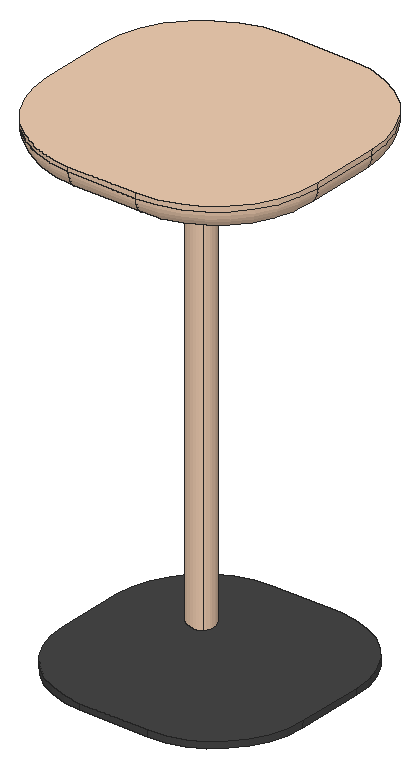
Revit family "DBLTD_TheSenatorGroup_OfficeTables_Uku", category Furniture, Revit 2022
Family settings
  OmniClass Number = 23.40.20.00
  OmniClass Title = General Furniture and Specialties
  Work Plane-Based = No
  Always vertical = Yes
  Cut with Voids When Loaded = No
  Render Appearance Source = Family Geometry
  Shared = Yes
  Room Calculation Point = No
Parameters (values of type "Host Table")
  WorksurfaceArea = 0.00 m²
  WarrantyStartDate [instance] = " "
  WarrantyGuarantorParts = "https://www.thesenatorgroup.com/"
  WarrantyGuarantorLabor = "https://www.thesenatorgroup.com/"
  WarrantyDurationUnit = "years"
  WarrantyDurationParts = "5"
  WarrantyDurationLabor = "5"
  WarrantyDescription = "The Senator Group warrants that its manufactured products are free from manufacturing defects - in materials or workmanship - for a period of five (5) years."
  Version = "1"
  Uniclass2015Version = "Products v1.15"
  Uniclass2015Title = "Office tables"
  Uniclass2015Code = "Pr_40_50_21_60"
  URL = "https://www.thesenatorgroup.com/"
  Type Comments = ModelReference  # "Host Table"
  TagNumber [instance] = " "
  SustainabilityPerformance = "n/a"
  Size = "640 x 350 x 350 mm"
  Shape = "Rectangular"
  SerialNumber [instance] = " "
  Revision = ""
  ReplacementCost = "n/a"
  ProductInformation = "https://www.allermuir.com/en/products/soft-seating/uku"
  NumberOfChairs = 0
  NominalWidth = 350 mm
  NominalHeight = 640 mm
  NominalDepth = 350 mm
  Name = "Table"
  ModelReference = "Host Table"
  ModelNumber = "UKUHST"
  Model = ModelNumber  # "UKUHST"
  Material = Color  # "Wood Finishes: Solid Oak with Cleat Finish or Black (Stained). Metal Finishes: Black (Textured) or Dark Bronze (Textured)."
  ManufacturerURL = "https://www.thesenatorgroup.com/"
  ManufacturerName = "The Senator Group"
  Keynote = Category  # "Pr_40_50_21_60 Office tables"
  InstallationDate [instance] = " "
  Grade = "n/a"
  FrameMaterial [instance] = DBLTD_TheSenatorGroup_Metal_Black
  Finish = Color  # "Wood Finishes: Solid Oak with Cleat Finish or Black (Stained). Metal Finishes: Black (Textured) or Dark Bronze (Textured)."
  Features = "n/a"
  ExpectedLife = "5"
  DurationUnit = "years"
  DesktopMaterial [instance] = DBLTD_TheSenatorGroup_Wood_Oak
  Cost = 0
  Constituents = "Frame and Tabletop"
  Color = "Wood Finishes: Solid Oak with Cleat Finish or Black (Stained). Metal Finishes: Black (Textured) or Dark Bronze (Textured)."
  CodePerformance = "n/a"
  Category = "Pr_40_50_21_60 Office tables"
  Manufacturer = ManufacturerName  # "The Senator Group"
  Description = ModelReference  # "Host Table"
  Default Elevation = 0 mm
  BarCode [instance] = " "
  Author = "Diane Butterworth Ltd"
  AssetType = "Movable"
  AssetIdentifier [instance] = " "
  Assembly Code = "E2020200"
  AccessibilityPerformance = "n/a"
Reference planes
  plane 1 "Center (Front/Back)": y = 0
  plane 2: z = 0
  plane 3 "Center (Left/Right)": x = 0
  plane 4: x = -175
  plane 5: x = 175
  plane 6: y = 175
  plane 7: y = -175
  plane 8: z = 640
  plane 9: z = 430
  plane 10: z = 608
Forms (mm)
  Extrusion 1, solid, material "DBLTD_TheSenatorGroup_Wood_Oak" <- "DesktopMaterial"
    sketch origin (0, 0, 0) x (1, 0, 0) y (0, 1, 0)
      loop
        arc (-43.5, 149.5) -> (-118.453, 118.453) -> (-149.5, 43.5) r 106
        line (-149.5, 43.5) -> (-149.5, -43.5)
        arc (-149.5, -43.5) -> (-118.453, -118.453) -> (-43.5, -149.5) r 106
        line (-43.5, -149.5) -> (43.5, -149.5)
        arc (43.5, -149.5) -> (118.453, -118.453) -> (149.5, -43.5) r 106
        line (149.5, -43.5) -> (149.5, 43.5)
        arc (149.5, 43.5) -> (118.453, 118.453) -> (43.5, 149.5) r 106
        line (43.5, 149.5) -> (-43.5, 149.5)
    from 608 to 633.5
  Sweep 2, solid, material "DBLTD_TheSenatorGroup_Wood_Oak" <- "DesktopMaterial"
    path in 3D
      loop
        arc (43.5, -149.5, 633.5) -> (118.453, -118.453, 633.5) -> (149.5, -43.5, 633.5) r 106
        line (149.5, -43.5, 633.5) -> (149.5, 43.5, 633.5)
        arc (149.5, 43.5, 633.5) -> (118.453, 118.453, 633.5) -> (43.5, 149.5, 633.5) r 106
        line (43.5, 149.5, 633.5) -> (-43.5, 149.5, 633.5)
        arc (-43.5, 149.5, 633.5) -> (-118.453, 118.453, 633.5) -> (-149.5, 43.5, 633.5) r 106
        line (-149.5, 43.5, 633.5) -> (-149.5, -43.5, 633.5)
        arc (-149.5, -43.5, 633.5) -> (-118.453, -118.453, 633.5) -> (-43.5, -149.5, 633.5) r 106
        line (-43.5, -149.5, 633.5) -> (43.5, -149.5, 633.5)
    profile origin (0, -149.5, 633.5) x (0, 1, 0) y (0, 0, 1)
      loop
        arc (-25.5, 0) -> (-18.031, -18.031) -> (0, -25.5) r 25.5
        line (0, -25.5) -> (0, 0) -> (-25.5, 0)
  Extrusion 3, solid, material "DBLTD_TheSenatorGroup_Wood_Oak" <- "DesktopMaterial"
    sketch origin (0, 0, 0) x (1, 0, 0) y (0, 1, 0)
      loop
        spline (-73.015, 73.432) -> (-75.572, 69.767) -> (-76.846, 65.243) -> (-76.751, 60.169) -> (-75.293, 54.89) -> (-72.572, 49.767) -> (-68.772, 45.148) -> (-64.153, 41.348) -> (-59.03, 38.627) -> (-53.751, 37.169) -> (-48.677, 37.074) -> (-44.153, 38.348) -> (-40.488, 40.906)
        spline (-40.488, 40.906) -> (-37.931, 44.571) -> (-36.656, 49.095) -> (-36.751, 54.169) -> (-38.209, 59.448) -> (-40.931, 64.571) -> (-44.731, 69.19) -> (-49.349, 72.989) -> (-54.473, 75.711) -> (-59.751, 77.169) -> (-64.825, 77.264) -> (-69.349, 75.989) -> (-73.015, 73.432)
    from 608 to 8
  Extrusion 4, solid, material "DBLTD_TheSenatorGroup_Metal_Black" <- "FrameMaterial"
    sketch origin (0, 0, 0) x (1, 0, 0) y (0, 1, 0)
      loop
        arc (-119.07, 61.55) -> (-126.392, 43.873) -> (-119.07, 26.195) r 25
        line (-119.07, 26.195) -> (25.887, -118.762)
        arc (25.887, -118.762) -> (43.565, -126.084) -> (61.243, -118.762) r 25
        line (61.243, -118.762) -> (117.811, -62.193)
        arc (117.811, -62.193) -> (125.133, -44.516) -> (117.811, -26.838) r 25
        line (117.811, -26.838) -> (-27.146, 118.119)
        arc (-27.146, 118.119) -> (-44.823, 125.441) -> (-62.501, 118.119) r 25
        line (-62.501, 118.119) -> (-119.07, 61.55)
    from 607 to 608
  Extrusion 5, solid, material "DBLTD_TheSenatorGroup_Metal_Black" <- "FrameMaterial"
    sketch origin (0, 0, 0) x (1, 0, 0) y (0, 1, 0)
      loop
        arc (-43.5, 155.5) -> (-122.696, 122.696) -> (-155.5, 43.5) r 112
        line (-155.5, 43.5) -> (-155.5, -43.5)
        arc (-155.5, -43.5) -> (-122.696, -122.696) -> (-43.5, -155.5) r 112
        line (-43.5, -155.5) -> (43.5, -155.5)
        arc (43.5, -155.5) -> (122.696, -122.696) -> (155.5, -43.5) r 112
        line (155.5, -43.5) -> (155.5, 43.5)
        arc (155.5, 43.5) -> (122.696, 122.696) -> (43.5, 155.5) r 112
        line (43.5, 155.5) -> (-43.5, 155.5)
    from 0 to 8
  Extrusion 6, solid, material "DBLTD_TheSenatorGroup_Wood_Oak" <- "DesktopMaterial"
    sketch origin (0, 0, 0) x (1, 0, 0) y (0, 1, 0)
      loop
        arc (-43.5, 175) -> (-136.485, 136.485) -> (-175, 43.5) r 131.5
        line (-175, 43.5) -> (-175, -43.5)
        arc (-175, -43.5) -> (-136.485, -136.485) -> (-43.5, -175) r 131.5
        line (-43.5, -175) -> (43.5, -175)
        arc (43.5, -175) -> (136.485, -136.485) -> (175, -43.5) r 131.5
        line (175, -43.5) -> (175, 43.5)
        arc (175, 43.5) -> (136.485, 136.485) -> (43.5, 175) r 131.5
        line (43.5, 175) -> (-43.5, 175)
    from 633.5 to 640
Lines and regions (mm)
  sketch lines
    curve 1: line (-43.5, -149.5, 633.5) -> (43.5, -149.5, 633.5)
    curve 2: arc (-43.5, -149.5, 633.5) -> (-118.453, -118.453, 633.5) -> (-149.5, -43.5, 633.5) r 106
    curve 3: line (-149.5, 43.5, 633.5) -> (-149.5, -43.5, 633.5)
    curve 4: arc (-149.5, 43.5, 633.5) -> (-118.453, 118.453, 633.5) -> (-43.5, 149.5, 633.5) r 106
    curve 5: line (43.5, 149.5, 633.5) -> (-43.5, 149.5, 633.5)
    curve 6: arc (43.5, 149.5, 633.5) -> (118.453, 118.453, 633.5) -> (149.5, 43.5, 633.5) r 106
    curve 7: line (149.5, -43.5, 633.5) -> (149.5, 43.5, 633.5)
    curve 8: arc (149.5, -43.5, 633.5) -> (118.453, -118.453, 633.5) -> (43.5, -149.5, 633.5) r 106
Dimensions and locks
  equal spacing: plane 4, plane 3 "Center (Left/Right)", plane 5
  "NominalWidth": plane 4 to plane 5
  equal spacing: plane 6, plane 1 "Center (Front/Back)", plane 7
  "NominalDepth": plane 6 to plane 7
  "NominalHeight": plane 8 to level
  plane 9 to level = 430 mm
  aligned and locked: level to plane 2
Automatic sketch dimensions
  plane 4 to Extrusion 1 sketch curve = 25.5 mm
  plane 7 to Extrusion 1 sketch curve = 25.5 mm
  Extrusion 1 sketch curve to plane 3 "Center (Left/Right)" = 43.5 mm  (x2)
  Extrusion 1 sketch curve to plane 6 = 25.5 mm
  plane 3 "Center (Left/Right)" to Extrusion 1 sketch curve = 43.5 mm  (x2)
  Extrusion 1 sketch curve to plane 5 = 25.5 mm
  Sweep 2 sketch curve to profile plane = 0 mm  (x2)
  Extrusion 3 sketch curve to plane 3 "Center (Left/Right)" = 73.015 mm
  Extrusion 3 sketch curve to plane 1 "Center (Front/Back)" = 57.169 mm
  Extrusion 3 sketch curve to Extrusion 3 sketch curve = 16.263 mm
  Extrusion 4 sketch curve to plane 1 "Center (Front/Back)" = 26.195 mm
  plane 4 to Extrusion 4 sketch curve = 55.93 mm
  Extrusion 4 sketch curve to Extrusion 4 sketch curve = 0 mm
  Extrusion 4 sketch curve to Extrusion 4 sketch curve = 17.678 mm  (x11)
  Extrusion 4 sketch curve to plane 3 "Center (Left/Right)" = 62.501 mm
  plane 3 "Center (Left/Right)" to Extrusion 4 sketch curve = 43.565 mm
  Extrusion 4 sketch curve to plane 5 = 74.867 mm
  plane 1 "Center (Front/Back)" to Extrusion 4 sketch curve = 26.838 mm
  plane 7 to Extrusion 4 sketch curve = 73.916 mm
  Extrusion 4 sketch curve to plane 6 = 74.559 mm
  plane 4 to Extrusion 5 sketch curve = 19.5 mm
  plane 7 to Extrusion 5 sketch curve = 19.5 mm
  Extrusion 5 sketch curve to plane 3 "Center (Left/Right)" = 43.5 mm  (x2)
  plane 3 "Center (Left/Right)" to Extrusion 5 sketch curve = 43.5 mm  (x2)
  Extrusion 5 sketch curve to plane 5 = 19.5 mm
  Extrusion 5 sketch curve to plane 1 "Center (Front/Back)" = 43.5 mm
  plane 4 to Extrusion 6 sketch curve = 0 mm
  Extrusion 6 sketch curve to plane 3 "Center (Left/Right)" = 43.5 mm  (x2)
  plane 7 to Extrusion 6 sketch curve = 0 mm
  plane 3 "Center (Left/Right)" to Extrusion 6 sketch curve = 43.5 mm  (x2)
  Extrusion 6 sketch curve to plane 6 = 0 mm
  Extrusion 6 sketch curve to plane 5 = 0 mm
  Sweep 2 sketch curve to profile plane = 25.5 mm
